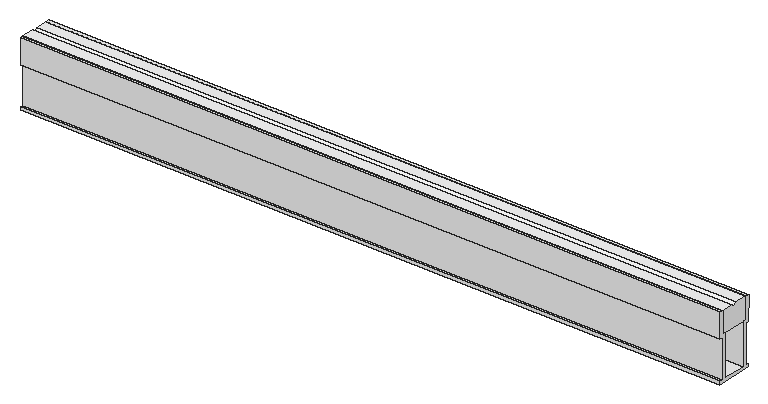
Revit family "4070751+4070745 Feilo Sylvania Lighting Fixture CURSUS 591MM 414LM OVAL LED 3K with FRAMED ROUGH IN HOUSING", category Lighting Fixtures, host Face, Revit 2017
Family settings
  Host = Face
  Round Connector Dimension = Use Diameter
  Part Type = Normal
  OmniClass Number = 23.80.70.14
  OmniClass Title = Luminaries for External Lighting
  Cut with Voids When Loaded = Yes
  Light Source = Yes
  Shared = No
  Room Calculation Point = No
Parameters (values of type "4070751 CURSUS 591MM 414LM OVAL LED 3K")
  Width = 30 mm
  Weight = "1.2 kg"
  Wattage Comments = "n/a"
  Wattage = 9 W
  WarrantyStartDate [instance] = "n/a"
  WarrantyGuarantorParts = "n/a"
  WarrantyDurationUnit = "n/a"
  WarrantyDurationParts = "n/a"
  WarrantyDescription = "n/a"
  built-in parameter 1150110 = 1 (stored number, unit not read)
  Voltage = 24 V
  URL = "http://www.sylvania-lighting.com"
  TypeName = "CURSUS 591MM 414LM OVAL LED 3K"
  Type Image = <None>
  Type Comments = "n/a"
  built-in parameter 1114217 = 1 (stored number, unit not read)
  Tilt Angle = -90.00°
  built-in parameter 1150109 = 1 (stored number, unit not read)
  built-in parameter 1150134 = (empty or 0)
  built-in parameter 1150113 = 1 (stored number, unit not read)
  SerialNumber [instance] = "n/a"
  Material_3_FEILO = none
  PowerFactor = 0
  PowerConsumption = "9 W"
  Photometric Web File = "4070751.ies"
  NominalLength = 591 mm
  NominalHeight = 50 mm
  NominalDepth = Width  # 30 mm
  Name = "CURSUS 591MM 414LM OVAL LED 3K"
  ModelReference = Name  # "CURSUS 591MM 414LM OVAL LED 3K"
  ModelNumber = "4070751"
  Model = Name  # "CURSUS 591MM 414LM OVAL LED 3K"
  Material = "natural anodised extruded aluminium structure housing, optical system with pmma lenses diffuser"
  ManufacturerName = "Feilo Sylvania"
  Manufacturer = "Feilo Sylvania"
  LuminousEfficacy = "46 lm/W"
  built-in parameter 1150105 = 583.97 (stored number, unit not read)
  Lumens = 414 lm
  LuminaireType = ""
  built-in parameter 1150115 = 1 (stored number, unit not read)
  LightOutputRatio = "100"
  built-in parameter 1150137 = (empty or 0)
  built-in parameter 1150139 = (empty or 0)
  LengthVoidExtrusionRight [instance] = if(EndCapRight, Length / 2, Length / 2 - 2.5 mm)  # 296 mm
  LengthVoidExtrusionLeft [instance] = if(EndCapLeft, Length / 2, Length / 2 - 2.5 mm)  # 296 mm
  Length = 597 mm
  LampsType = Lamp  # "LED"
  LampNominalLuminous = "414 lm"
  LampMacAdamStep = "n/a"
  LampColourTemperature = "3000 K"
  LampColourRenderingIndex = "80"
  built-in parameter 1150112 = 1 (stored number, unit not read)
  built-in parameter 1150114 = 1 (stored number, unit not read)
  Lamp = "LED"
  Keynote = "16500"
  InstallationDate [instance] = "n/a"
  InputVoltage = "24V DC"
  InputNominalFrequency = "n/a"
  built-in parameter 1150132 = (empty or 0)
  built-in parameter 1150102 = (empty or 0)
  built-in parameter 1150107 = 3000 (stored number, unit not read)
  built-in parameter 1150138 = (empty or 0)
  IngressProtection = "IP67"
  ImpactProtectionIndex = "IK07"
  built-in parameter 1150106 = 5.8397 (stored number, unit not read)
  IfcExportType = "IfcLightFixtureType"
  IfcExportAs = "IfcLightFixtureType"
  ExpectedLife = 50000
  EndCapRight [instance] = no
  EndCapLeft [instance] = no
  Emit from Rectangle Width = Width - 6 mm  # 24 mm
  Emit from Rectangle Length = Length - 6 mm  # 591 mm
  Emit Shape Visible in Rendering = no
  ElectricShockClassification = "Class III"
  built-in parameter 1150104 = 4.2735 (stored number, unit not read)
  DurationUnit = "hours"
  DocumentationLiterature = "http://www.sylvania-lighting.com/product/en-int/products/4070751"
  DimmingControlOptions = "n/a"
  Dimming Lamp Color Temperature Shift = <None>
  Material_2_FEILO = Diffuser-Sylvania-Glow
  Description = "LED Exterior Lighting Recessed Surface Mounted Linear Fixture, Natural anodised extruded aluminium structure. Die-cast aluminium end caps. Installation kit with harmonic steel springs., 414 lm, 9W, 46lm/W, 3000K, CRI80+,non dimmable,IP67, IK07, (HxWxD) 591x50x30mm, 3 step Mac Adam Ellipse, 1.2kg,, Classe III, 21-25V-DC, energy class : A++, A+, A"
  Default Elevation = 1219.2 mm
  CreatedOn = "1/8/2018"
  CreatedBy = ""
  Cost = 0
  Color Filter = 16777215
  built-in parameter 1114216 [instance] = (empty or 0)
  ClassificationValue = "EF_70_80"
  ClassificationName = "Uniclass2015"
  Material_1_FEILO = Body-Sylvania-Gray
  BarCode [instance] = "n/a"
  built-in parameter 1114218 = 1 (stored number, unit not read)
  built-in parameter 1150133 = 10 (stored number, unit not read)
  AssetType = "Fixed"
  AssetIdentifier [instance] = "n/a"
  Assembly Code = "D5020200"
  Apparent Load = 9 VA
  Material_4_FEILO = Diffuser-Sylvania-Glow
Reference planes
  plane 1 "Center (Front/Back)": y = 0
  plane 2: z = 0
  plane 3 "Center (Left/Right)": x = 0
  plane 4: y = 15
  plane 5: y = -15
  plane 6: x = 298.5
  plane 7: x = -298.5
  plane 8: x = -296
  plane 9: y = 12.5
  plane 10: y = -12.5
  plane 11: x = 296
  plane 12: z = -55
  plane 13: z = -52.5
  plane 14: z = -2
  plane 15: y = -10
  plane 16: z = -18
  plane 17: z = -20.5
  plane 18: y = 10
Forms (mm)
  Extrusion 1, solid, material "Body-Sylvania-Gray" <- "Material_1_FEILO"
    sketch origin (0, 0, -32.5) x (0, 1, 0) y (0, 0, 1)
      loop
        line (15, -22.5) -> (15, -20) -> (12.5, -20) -> (12.5, 12) -> (15, 12) -> (15, 32.5) -> (12.5, 32.5) -> (12.5, 14.5) -> (10, 14.5) -> (10, -20) -> (-10, -20) -> (-10, 14.5) -> (-12.5, 14.5) -> (-12.5, 32.5) -> (-15, 32.5) -> (-15, 12) -> (-12.5, 12) -> (-12.5, -20) -> (-15, -20) -> (-15, -22.5) -> (15, -22.5)
    from -296 to 296
  Extrusion 2, solid, material "Body-Sylvania-Gray" <- "Material_1_FEILO", visible <- "EndCapRight"
    sketch origin (298.5, 1524, 1219.2) x (0, 1, 0) y (0, 0, 1)
      loop
        line (-1539, -1274.2) -> (-1509, -1274.2) -> (-1509, -1219.2) -> (-1539, -1219.2) -> (-1539, -1274.2)
    from 0 to -2.5
  Extrusion 3, solid, material "Body-Sylvania-Gray" <- "Material_1_FEILO", visible <- "EndCapLeft"
    sketch origin (-298.5, 1524, 1219.2) x (0, 1, 0) y (0, 0, 1)
      loop
        line (-1539, -1274.2) -> (-1509, -1274.2) -> (-1509, -1219.2) -> (-1539, -1219.2) -> (-1539, -1274.2)
    from 0 to 2.5
  Extrusion 4, solid, material "Diffuser-Sylvania-Glow" <- "Material_2_FEILO"
    sketch origin (0, 0, 0) x (0, 1, 0) y (0, 0, 1)
      loop
        line (-12.5, 0) -> (-12.5, -18) -> (12.5, -18) -> (12.5, 0) -> (2, 0) -> (0, -2) -> (-2, 0) -> (-12.5, 0)
    from -296 to 296
  Extrusion 5, void
    sketch origin (0, 0, 0) x (1, 0, 0) y (0, 1, 0)
      loop
        line (-296, 15) -> (-296, -15) -> (296, -15) -> (296, 15) -> (-296, 15)
    from 0 to -55
Dimensions and locks
  equal spacing: plane 5, plane 1 "Center (Front/Back)", plane 4
  equal spacing: plane 7, plane 3 "Center (Left/Right)", plane 6
  "Length": plane 7 to plane 6
  equal spacing: plane 8, plane 3 "Center (Left/Right)", plane 11
  equal spacing: plane 10, plane 1 "Center (Front/Back)", plane 9
  locked: plane 5 to plane 10 at 2.5
  "Width": plane 5 to plane 4
  locked: plane 2 to plane 12 at 55
  locked: plane 12 to plane 13 at 2.5
  "LengthVoidExtrusionLeft": Extrusion 5 sketch curve to plane 3 "Center (Left/Right)"
  "LengthVoidExtrusionRight": plane 3 "Center (Left/Right)" to Extrusion 5 sketch curve
  plane 2 to plane 14 = 2 mm
  locked: plane 7 to plane 8 at 2.5
  locked: plane 2 to plane 16 at 18
  locked: plane 17 to plane 16 at 2.5
  equal spacing: plane 15, plane 1 "Center (Front/Back)", plane 18
  locked: plane 10 to plane 15 at 2.5
  locked: plane 14 to Extrusion 4 sketch curve (angle 45.00°)
  locked: Extrusion 4 sketch curve to plane 14 (angle 45.00°)
  aligned and locked: plane 2 to host face
  aligned and locked: level to host face
  aligned and locked: plane 4 to Extrusion 1 sketch curve
  aligned and locked: Extrusion 1 sketch curve to plane 5
  aligned and locked: plane 10 to Extrusion 1 sketch curve  (x2)
  aligned and locked: Extrusion 1 sketch curve to plane 9  (x2)
  aligned and locked: plane 8 to Extrusion 3
  aligned and locked: Extrusion 3 to plane 7
  aligned and locked: Extrusion 4 to plane 8
  aligned and locked: plane 11 to Extrusion 4
  aligned and locked: imposter light to plane 1 "Center (Front/Back)"
  aligned and locked: plane 3 "Center (Left/Right)" to imposter light
  aligned and locked: plane 12 to Extrusion 1
  aligned and locked: Extrusion 1 to plane 13
  aligned and locked: level to Extrusion 1  (x2)
  aligned and locked: plane 2 to imposter light
  aligned and locked: plane 11 to Extrusion 1
  aligned and locked: Extrusion 1 to plane 8
  aligned and locked: plane 12 to Extrusion 3 sketch curve
  aligned and locked: plane 5 to Extrusion 3 sketch curve
  aligned and locked: Extrusion 3 sketch curve to plane 4
  aligned and locked: Extrusion 2 sketch curve to plane 4
  aligned and locked: plane 5 to Extrusion 2 sketch curve
  aligned and locked: plane 12 to Extrusion 2 sketch curve
  aligned and locked: plane 9 to Extrusion 4 sketch curve
  aligned and locked: Extrusion 4 sketch curve to plane 10
  aligned and locked: Extrusion 5 sketch curve to plane 4
  aligned and locked: plane 5 to Extrusion 5 sketch curve
  aligned and locked: Extrusion 5 to Extrusion 1
  aligned and locked: level to Extrusion 5
  aligned and locked: plane 14 to Extrusion 4 sketch curve
  aligned and locked: Extrusion 4 sketch curve to plane 16
  aligned and locked: Extrusion 1 sketch curve to Extrusion 1 sketch curve  (x3)
  aligned and locked: Extrusion 1 sketch curve to Extrusion 4
  aligned and locked: plane 15 to Extrusion 1 sketch curve
  aligned and locked: plane 17 to Extrusion 1 sketch curve
  aligned and locked: plane 5 to Extrusion 1 sketch curve
  aligned and locked: Extrusion 1 sketch curve to plane 16
  aligned and locked: plane 18 to Extrusion 1 sketch curve
  aligned and locked: Extrusion 1 sketch curve to plane 17
  aligned and locked: Extrusion 1 sketch curve to Extrusion 2
Automatic sketch dimensions
  host sketch curve to host sketch curve = 2438.4 mm  (x2)
  Extrusion 3 sketch curve to level = 0 mm
  Extrusion 2 sketch curve to level = 0 mm
  Extrusion 4 sketch curve to level = 0 mm  (x2)
  Extrusion 4 sketch curve to plane 1 "Center (Front/Back)" = 0 mm
  plane 12 to Extrusion 1 sketch curve = 0 mm
  plane 13 to Extrusion 1 sketch curve = 0 mm
  Extrusion 1 sketch curve to level = 0 mm  (x2)
Connectors
  electrical at (0, 0, 0), driven by "Apparent Load", driven by "PowerFactor", driven by "Voltage"
    settings: index 1, voltage 24 V, apparent load 9 VA, apparent load phase1 0 VA, apparent load phase2 0 VA, apparent load phase3 0 VA, power factor 0, load classification "Lighting", number of poles 1, system type 30, power factor state 1, is connector primary yes, connector utility no, sub classification motor no, connector description ""
